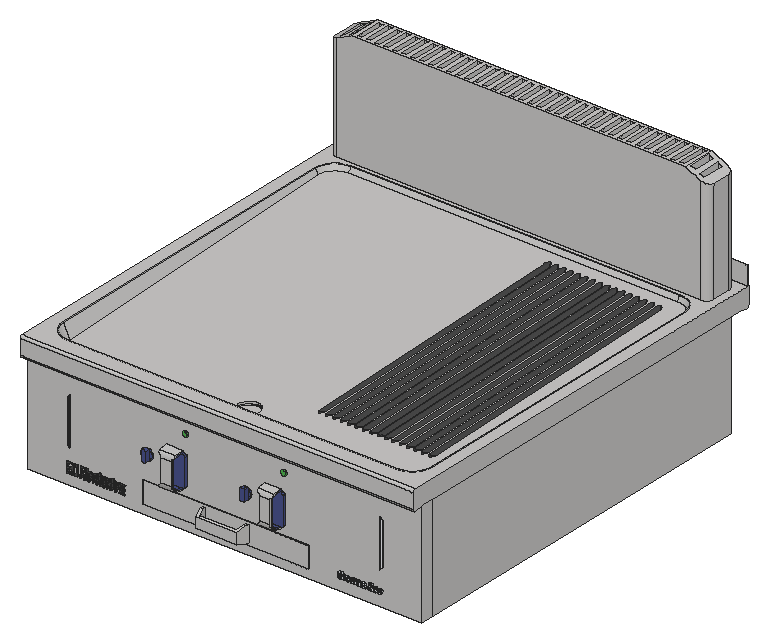
Revit family "QF_ELECTROLUXPROFESSIONAL_588541_MBHOBBHOPO", category Attrezzature speciali, Revit 2020 (continued)
Definition of nested family "Front_Panel_W800_Two Knobs_2Spie_Manop"
  Definition of nested family "Range Control Handle"
    Forms (mm)
      Sweep 3, solid
        path origin (-746.788, 380.715, 207.832) x (0, -1, 0) y (0, 0, 1)
          loop
            line (380.478, 795.442) -> (397.218, 793.09)
            arc (397.218, 793.09) -> (399.929, 788.473) -> (400.871, 783.202) r 15.207
            line (400.871, 783.202) -> (400.871, 737.584)
            arc (400.871, 737.584) -> (399.914, 732.274) -> (397.164, 727.633) r 15.207
            line (397.164, 727.633) -> (380.601, 725.305)
        profile origin (-746.788, -8.132, 1002.099) x (0, -0.139173, 0.990268) y (-1, 0, 0)
          loop
            line (0.782, -763.123) -> (0.782, -730.907) -> (-1.322, -730.907) -> (-1.322, -763.123) -> (0.782, -763.123)
      Extrusion 4, void
        sketch origin (889.253, 220.666, 207.993) x (1, 0, 0) y (0, 0, 1)
          loop
            line (-943.038, 816.854) -> (-943.038, 703.686) -> (-899.466, 734.196) -> (-899.466, 786.344) -> (-943.038, 816.854)
        from 230.636 to 242.25
      Extrusion 5, void
        sketch origin (-888.8, 220.666, 207.993) x (-1, 0, 0) y (0, 0, -1)
          loop
            line (-943.038, -816.854) -> (-899.466, -786.344) -> (-899.466, -734.196) -> (-943.038, -703.686) -> (-943.038, -816.854)
        from 230.636 to 242.25
      Extrusion 6, solid
        sketch origin (0, 0, 0) x (1, 0, 0) y (0, 0, 1)
          loop
            circle (0, 971.092) r 7.736
        from -3.137 to -1.645
    Cuts and joins
      Extrusion 4, Extrusion 5 cuts Sweep 3
      Extrusion 4, Extrusion 5 cuts Sweep 2
      joined: Extrusion 1, Extrusion 6
    Lines and regions (mm)
      symbolic lines
        curve 1: line (16.334, -16.9, 0) -> (16.334, -19.227, 0)
        curve 2: spline (16.334, -19.227, 0) -> (15.87, -19.385, 0) -> (15.404, -19.536, 0) -> (14.936, -19.678, 0) -> (14.466, -19.813, 0) -> (13.995, -19.94, 0) -> (13.523, -20.059, 0) -> (13.049, -20.171, 0) -> (12.575, -20.274, 0) -> (12.099, -20.37, 0) -> (11.622, -20.458, 0) -> (11.144, -20.537, 0) -> (10.666, -20.609, 0)
        curve 3: line (10.666, -16.9, 0) -> (10.666, -20.938, 0)
        curve 4: line (-10.213, -20.938, 0) -> (10.666, -20.938, 0)
        curve 5: line (-10.213, -20.938, 0) -> (-10.213, -16.9, 0)
        curve 6: spline (-10.213, -20.609, 0) -> (-10.691, -20.537, 0) -> (-11.169, -20.458, 0) -> (-11.646, -20.37, 0) -> (-12.122, -20.274, 0) -> (-12.597, -20.171, 0) -> (-13.07, -20.059, 0) -> (-13.542, -19.94, 0) -> (-14.013, -19.813, 0) -> (-14.483, -19.678, 0) -> (-14.951, -19.536, 0) -> (-15.417, -19.385, 0) -> (-15.881, -19.227, 0)
        curve 7: line (-15.881, -19.227, 0) -> (-15.881, -16.9, 0)
  Definition of nested family "ELX_ThermaLine_Small"
    Parameters
      Show Logo [instance] = yes
      Material_Logo [instance] = none
      Default Elevation = 0 mm
    Reference planes
      plane 1 "Centro (Fronte/Retro)": y = 0
      plane 2: z = 0
      plane 3 "Centro (Sinistra/Destra)": x = 0
    Forms (mm)
      Extrusion 1, solid
        sketch origin (0, 0, 0) x (1, 0, 0) y (0, 1, 0)
          loop
            line (-1219.2, 1219.2) -> (-1219.2, -1219.2) -> (1219.2, -1219.2) -> (1219.2, 1219.2) -> (-1219.2, 1219.2)
        from 0 to -304.8
      Extrusion 2, solid
        sketch origin (0, 0, 0) x (1, 0, 0) y (0, 1, 0)
          loop
            line (-37.494, 1.229) -> (-35.908, 1.229) -> (-35.908, 3.066) -> (-37.494, 3.066) -> (-37.494, 6.221) -> (-39.867, 4.881) -> (-39.867, 3.066) -> (-40.969, 3.066) -> (-40.969, 1.229) -> (-39.867, 1.229) -> (-39.867, -3.407)
            arc (-39.867, -3.407) -> (-38.982, -5.513) -> (-36.751, -6.001) r 2.478
            line (-36.751, -6.001) -> (-35.638, -5.7) -> (-35.9, -3.835) -> (-36.661, -4.039)
            arc (-36.661, -4.039) -> (-37.236, -3.924) -> (-37.494, -3.399) r 0.662
            line (-37.494, -3.399) -> (-37.494, 1.229)
          loop
            line (-34.242, 6.539) -> (-34.242, -5.848) -> (-31.854, -5.848) -> (-31.854, -0.078)
            arc (-31.854, -0.078) -> (-30.939, 1.249) -> (-29.33, 1.367) r 1.866
            arc (-29.33, 1.367) -> (-28.695, 0.768) -> (-28.461, -0.073) r 1.627
            line (-28.461, -0.073) -> (-28.461, -5.848) -> (-26.086, -5.848) -> (-26.064, -0.46)
            arc (-26.064, -0.46) -> (-26.261, 0.932) -> (-26.786, 2.237) r 5.825
            arc (-26.786, 2.237) -> (-29.381, 3.264) -> (-31.854, 1.971) r 3.353
            line (-31.854, 1.971) -> (-31.854, 6.539) -> (-34.242, 6.539)
          loop
            arc (-18.398, -0.598) -> (-18.893, 0.879) -> (-20.326, 1.487) r 1.897
            arc (-20.326, 1.487) -> (-21.461, 0.708) -> (-21.897, -0.598) r 2.164
            line (-21.897, -0.598) -> (-18.398, -0.598)
          loop
            arc (-16.021, -2.044) -> (-16.754, 1.227) -> (-19.444, 3.226) r 4.814
            arc (-19.444, 3.226) -> (-22.137, 2.788) -> (-23.943, 0.743) r 4.054
            arc (-23.943, 0.743) -> (-24.382, -1.249) -> (-24.162, -3.276) r 6.289
            arc (-24.162, -3.276) -> (-23.302, -4.71) -> (-21.958, -5.705) r 4.28
            arc (-21.958, -5.705) -> (-18.558, -5.814) -> (-16.152, -3.409) r 4.28
            line (-16.152, -3.409) -> (-18.5, -2.995)
            arc (-18.5, -2.995) -> (-19.273, -3.994) -> (-20.533, -4.076) r 1.536
            arc (-20.533, -4.076) -> (-21.56, -3.281) -> (-21.958, -2.044) r 2.197
            line (-21.958, -2.044) -> (-16.021, -2.044)
          loop
            line (-14.165, -5.848) -> (-11.819, -5.848) -> (-11.819, -2.138)
            arc (-11.819, -2.138) -> (-11.787, -1.156) -> (-11.637, -0.185) r 8.18
            arc (-11.637, -0.185) -> (-10.644, 0.972) -> (-9.132, 0.776) r 1.603
            line (-9.132, 0.776) -> (-8.419, 2.846)
            arc (-8.419, 2.846) -> (-10.432, 3.118) -> (-11.994, 1.821) r 2.527
            line (-11.994, 1.821) -> (-11.994, 3.094) -> (-14.165, 3.094) -> (-14.165, -5.848)
          loop
            line (-7.579, 3.094) -> (-7.579, -5.848) -> (-5.178, -5.848) -> (-5.178, -0.756)
            arc (-5.178, -0.756) -> (-4.727, 0.679) -> (-3.417, 1.419) r 2.05
            arc (-3.417, 1.419) -> (-2.499, 0.908) -> (-2.155, -0.085) r 1.471
            line (-2.155, -0.085) -> (-2.155, -5.848) -> (0.23, -5.848) -> (0.23, -1.001)
            arc (0.23, -1.001) -> (0.47, 0.127) -> (1.148, 1.061) r 2.775
            arc (1.148, 1.061) -> (2.225, 1.329) -> (3.05, 0.587) r 1.182
            arc (3.05, 0.587) -> (3.199, -0.019) -> (3.214, -0.642) r 2.894
            line (3.214, -0.642) -> (3.214, -5.848) -> (5.601, -5.848) -> (5.601, 0.261)
            arc (5.601, 0.261) -> (4.87, 2.263) -> (2.976, 3.241) r 2.932
            arc (2.976, 3.241) -> (1.284, 2.973) -> (-0.047, 1.896) r 3.309
            arc (-0.047, 1.896) -> (-1.116, 2.865) -> (-2.506, 3.258) r 3.16
            arc (-2.506, 3.258) -> (-4.105, 2.942) -> (-5.376, 1.92) r 3.419
            line (-5.376, 1.92) -> (-5.376, 3.094) -> (-7.579, 3.094)
          loop
            line (7.583, 0.738) -> (9.702, 0.364)
            arc (9.702, 0.364) -> (11.441, 1.492) -> (12.855, -0.023) r 1.613
            line (12.855, -0.023) -> (9.782, -0.789)
            arc (9.782, -0.789) -> (8.559, -1.346) -> (7.617, -2.305) r 3.687
            arc (7.617, -2.305) -> (7.499, -3.681) -> (7.901, -5.003) r 3.651
            arc (7.901, -5.003) -> (9.107, -5.766) -> (10.515, -6.006) r 3.635
            arc (10.515, -6.006) -> (11.898, -5.697) -> (13.067, -4.895) r 3.734
            line (13.067, -4.895) -> (13.376, -5.848) -> (15.75, -5.848) -> (15.212, -4.193) -> (15.212, 0.38)
            arc (15.212, 0.38) -> (14.897, 1.849) -> (13.818, 2.895) r 2.585
            arc (13.818, 2.895) -> (11.792, 3.442) -> (9.719, 3.11) r 5.005
            arc (9.719, 3.11) -> (8.369, 2.178) -> (7.583, 0.738) r 3.54
          loop
            line (19.723, -5.848) -> (22.233, -5.848) -> (24.854, 6.484) -> (22.345, 6.484) -> (19.723, -5.848)
          loop
            line (24.583, -5.848) -> (26.953, -5.848) -> (28.848, 3.066) -> (26.478, 3.066) -> (24.583, -5.848)
          loop
            line (27.204, 6.484) -> (26.741, 4.305) -> (29.111, 4.305) -> (29.575, 6.484) -> (27.204, 6.484)
          loop
            line (29.355, -5.848) -> (31.849, -5.848) -> (33.098, 0.028)
            arc (33.098, 0.028) -> (34.169, 1.306) -> (35.832, 1.422) r 2.132
            arc (35.832, 1.422) -> (36.324, 0.752) -> (36.383, -0.078) r 1.5
            line (36.383, -0.078) -> (35.157, -5.848) -> (37.536, -5.848) -> (38.936, 0.738)
            arc (38.936, 0.738) -> (38.775, 2.091) -> (37.825, 3.066) r 2.118
            arc (37.825, 3.066) -> (35.392, 3.175) -> (33.295, 1.937) r 4.271
            line (33.295, 1.937) -> (33.535, 3.066) -> (31.25, 3.066) -> (29.355, -5.848)
          loop
            line (42.792, -0.64) -> (46.589, -0.64)
            arc (46.589, -0.64) -> (46.639, 0.124) -> (46.327, 0.823) r 1.589
            arc (46.327, 0.823) -> (45.117, 1.521) -> (43.762, 1.183) r 1.865
            arc (43.762, 1.183) -> (43.141, 0.344) -> (42.792, -0.64) r 3.538
          loop
            line (42.565, -2.138) -> (48.593, -2.138)
            arc (48.593, -2.138) -> (48.58, 0.597) -> (46.983, 2.818) r 4.494
            arc (46.983, 2.818) -> (44.191, 3.28) -> (41.725, 1.891) r 4.26
            arc (41.725, 1.891) -> (40.503, -0.3) -> (40.284, -2.799) r 6.003
            arc (40.284, -2.799) -> (40.959, -4.468) -> (42.377, -5.576) r 3.482
            arc (42.377, -5.576) -> (44.265, -5.961) -> (46.152, -5.576) r 4.823
            arc (46.152, -5.576) -> (47.432, -4.731) -> (48.328, -3.485) r 4.245
            line (48.328, -3.485) -> (46.168, -3.105)
            arc (46.168, -3.105) -> (45.214, -4.072) -> (43.859, -4.181) r 1.953
            arc (43.859, -4.181) -> (42.821, -3.408) -> (42.565, -2.138) r 1.81
          loop
            line (12.868, -1.553) -> (10.216, -2.214)
            arc (10.216, -2.214) -> (9.747, -3.136) -> (10.216, -4.058) r 1.14
            arc (10.216, -4.058) -> (11.537, -4.249) -> (12.614, -3.46) r 1.763
            arc (12.614, -3.46) -> (12.858, -2.522) -> (12.868, -1.553) r 3.97
        from 0 to 1.6
    Dimensions and locks
      aligned and locked: plane 2 to Extrusion 1
      aligned and locked: level to Extrusion 1
  Definition of nested family "ELX_Professional_Logo_Small"
    Parameters
      Show Logo [instance] = yes
      Material_Logo [instance] = none
      Default Elevation = 0 mm
    Reference planes
      plane 1 "Centro (Fronte/Retro)": y = 0
      plane 2: z = 0
      plane 3 "Centro (Sinistra/Destra)": x = 0
    Forms (mm)
      Extrusion 1, solid
        sketch origin (0, 0, 0) x (1, 0, 0) y (0, 1, 0)
          loop
            line (-1219.2, 1219.2) -> (-1219.2, -1219.2) -> (1219.2, -1219.2) -> (1219.2, 1219.2) -> (-1219.2, 1219.2)
        from 0 to -304.8
      Extrusion 2, solid, material <- "Material_Logo"
        sketch origin (15.5, 0, 0) x (1, 0, 0) y (0, 1, 0)
          loop
            spline (-42.99, -1.24) -> (-43.195, -1.231) -> (-43.415, -1.203) -> (-43.642, -1.152) -> (-43.87, -1.074) -> (-44.095, -0.966) -> (-44.309, -0.825) -> (-44.506, -0.647) -> (-44.681, -0.429) -> (-44.828, -0.167) -> (-44.94, 0.142) -> (-45.011, 0.501) -> (-45.037, 0.915)
            line (-45.037, 0.915) -> (-45.037, 2.748) -> (-38.984, 2.748) -> (-38.984, 5.086) -> (-45.038, 5.086) -> (-45.038, 8.489) -> (-38.599, 8.489) -> (-38.599, 10.82) -> (-47.515, 10.82) -> (-47.515, 1.021)
            spline (-47.515, 1.021) -> (-47.493, 0.418) -> (-47.425, -0.15) -> (-47.311, -0.682) -> (-47.15, -1.175) -> (-46.939, -1.628) -> (-46.678, -2.038) -> (-46.365, -2.404) -> (-46, -2.723) -> (-45.58, -2.995) -> (-45.105, -3.216) -> (-44.573, -3.385) -> (-43.983, -3.499)
            line (-43.983, -3.499) -> (-43.01, -3.569) -> (-38.426, -3.569) -> (-38.426, -1.24) -> (-42.99, -1.24)
          loop
            line (-36.666, 4.021) -> (-36.666, -3.573) -> (-34.188, -3.573) -> (-34.188, 10.824) -> (-36.666, 10.824) -> (-36.666, 4.021)
          loop
            spline (-21.915, 1.897) -> (-21.957, 2.615) -> (-22.082, 3.303) -> (-22.285, 3.955) -> (-22.563, 4.564) -> (-22.913, 5.124) -> (-23.331, 5.629) -> (-23.814, 6.074) -> (-24.359, 6.451) -> (-24.961, 6.755) -> (-25.618, 6.98) -> (-26.326, 7.119) -> (-27.081, 7.167)
            spline (-27.081, 7.167) -> (-27.853, 7.122) -> (-28.586, 6.99) -> (-29.275, 6.774) -> (-29.915, 6.478) -> (-30.5, 6.104) -> (-31.024, 5.657) -> (-31.483, 5.138) -> (-31.871, 4.553) -> (-32.182, 3.904) -> (-32.411, 3.194) -> (-32.552, 2.427) -> (-32.6, 1.606)
            spline (-32.6, 1.606) -> (-32.553, 0.805) -> (-32.416, 0.057) -> (-32.193, -0.637) -> (-31.887, -1.271) -> (-31.504, -1.843) -> (-31.048, -2.35) -> (-30.523, -2.788) -> (-29.934, -3.154) -> (-29.284, -3.444) -> (-28.579, -3.656) -> (-27.822, -3.785) -> (-27.019, -3.829)
            spline (-27.019, -3.829) -> (-26.627, -3.82) -> (-26.239, -3.79) -> (-25.856, -3.739) -> (-25.477, -3.663) -> (-25.103, -3.562) -> (-24.734, -3.432) -> (-24.369, -3.273) -> (-24.01, -3.082) -> (-23.655, -2.858) -> (-23.305, -2.597) -> (-22.96, -2.299) -> (-22.621, -1.962)
            line (-22.621, -1.962) -> (-24.114, -0.509)
            spline (-24.114, -0.509) -> (-24.311, -0.699) -> (-24.509, -0.872) -> (-24.71, -1.03) -> (-24.915, -1.172) -> (-25.126, -1.297) -> (-25.346, -1.407) -> (-25.576, -1.5) -> (-25.817, -1.576) -> (-26.072, -1.636) -> (-26.342, -1.678) -> (-26.629, -1.704) -> (-26.936, -1.713)
            spline (-26.936, -1.713) -> (-27.384, -1.691) -> (-27.805, -1.625) -> (-28.196, -1.518) -> (-28.556, -1.372) -> (-28.882, -1.187) -> (-29.174, -0.966) -> (-29.429, -0.71) -> (-29.645, -0.422) -> (-29.821, -0.102) -> (-29.955, 0.247) -> (-30.045, 0.623) -> (-30.089, 1.026)
            line (-30.089, 1.026) -> (-21.956, 1.026) -> (-21.915, 1.897)
          loop
            spline (-24.446, 2.769) -> (-24.47, 3.075) -> (-24.54, 3.37) -> (-24.654, 3.65) -> (-24.807, 3.913) -> (-24.996, 4.156) -> (-25.219, 4.376) -> (-25.472, 4.57) -> (-25.753, 4.736) -> (-26.057, 4.869) -> (-26.382, 4.968) -> (-26.724, 5.03) -> (-27.081, 5.051)
            spline (-27.081, 5.051) -> (-27.464, 5.03) -> (-27.832, 4.97) -> (-28.183, 4.872) -> (-28.513, 4.74) -> (-28.819, 4.577) -> (-29.099, 4.384) -> (-29.347, 4.165) -> (-29.563, 3.923) -> (-29.742, 3.659) -> (-29.881, 3.377) -> (-29.977, 3.079) -> (-30.027, 2.769)
            line (-30.027, 2.769) -> (-24.446, 2.769)
          loop
            spline (-18.167, 1.669) -> (-18.138, 2.13) -> (-18.055, 2.567) -> (-17.921, 2.978) -> (-17.739, 3.358) -> (-17.512, 3.705) -> (-17.243, 4.016) -> (-16.937, 4.287) -> (-16.596, 4.517) -> (-16.223, 4.7) -> (-15.823, 4.835) -> (-15.398, 4.919) -> (-14.951, 4.947)
            spline (-14.951, 4.947) -> (-14.677, 4.938) -> (-14.414, 4.913) -> (-14.162, 4.871) -> (-13.921, 4.812) -> (-13.69, 4.738) -> (-13.467, 4.649) -> (-13.254, 4.544) -> (-13.048, 4.424) -> (-12.85, 4.291) -> (-12.659, 4.143) -> (-12.474, 3.981) -> (-12.295, 3.806)
            line (-12.295, 3.806) -> (-10.76, 5.403)
            spline (-10.76, 5.403) -> (-11.065, 5.709) -> (-11.38, 5.984) -> (-11.703, 6.228) -> (-12.035, 6.443) -> (-12.375, 6.63) -> (-12.723, 6.788) -> (-13.078, 6.92) -> (-13.44, 7.026) -> (-13.809, 7.107) -> (-14.184, 7.164) -> (-14.564, 7.198) -> (-14.951, 7.209)
            spline (-14.951, 7.209) -> (-15.725, 7.161) -> (-16.467, 7.02) -> (-17.169, 6.792) -> (-17.826, 6.482) -> (-18.43, 6.096) -> (-18.976, 5.637) -> (-19.455, 5.112) -> (-19.862, 4.525) -> (-20.19, 3.882) -> (-20.433, 3.189) -> (-20.584, 2.449) -> (-20.635, 1.669)
            spline (-20.635, 1.669) -> (-20.584, 0.889) -> (-20.433, 0.149) -> (-20.19, -0.545) -> (-19.862, -1.187) -> (-19.455, -1.774) -> (-18.976, -2.299) -> (-18.43, -2.758) -> (-17.826, -3.145) -> (-17.169, -3.454) -> (-16.467, -3.682) -> (-15.725, -3.823) -> (-14.951, -3.871)
            spline (-14.951, -3.871) -> (-14.564, -3.86) -> (-14.184, -3.826) -> (-13.809, -3.77) -> (-13.44, -3.689) -> (-13.078, -3.583) -> (-12.723, -3.451) -> (-12.375, -3.292) -> (-12.035, -3.105) -> (-11.703, -2.89) -> (-11.38, -2.646) -> (-11.065, -2.371) -> (-10.76, -2.066)
            line (-10.76, -2.066) -> (-12.295, -0.468)
            spline (-12.295, -0.468) -> (-12.474, -0.643) -> (-12.659, -0.805) -> (-12.85, -0.953) -> (-13.048, -1.087) -> (-13.254, -1.206) -> (-13.467, -1.311) -> (-13.69, -1.4) -> (-13.921, -1.475) -> (-14.162, -1.533) -> (-14.414, -1.575) -> (-14.677, -1.6) -> (-14.951, -1.609)
            spline (-14.951, -1.609) -> (-15.398, -1.581) -> (-15.823, -1.497) -> (-16.223, -1.362) -> (-16.596, -1.179) -> (-16.937, -0.95) -> (-17.243, -0.678) -> (-17.512, -0.367) -> (-17.739, -0.02) -> (-17.921, 0.36) -> (-18.055, 0.771) -> (-18.138, 1.208) -> (-18.167, 1.669)
          loop
            spline (-4.441, -1.243) -> (-4.659, -1.247) -> (-4.894, -1.23) -> (-5.137, -1.19) -> (-5.384, -1.121) -> (-5.628, -1.021) -> (-5.864, -0.884) -> (-6.084, -0.708) -> (-6.283, -0.488) -> (-6.454, -0.219) -> (-6.592, 0.101) -> (-6.69, 0.478) -> (-6.742, 0.914)
            line (-6.742, 0.914) -> (-6.742, 4.587) -> (-4.487, 4.587) -> (-4.487, 6.838) -> (-6.738, 6.838) -> (-6.738, 10.824) -> (-9.217, 10.824) -> (-9.217, 0.773)
            spline (-9.217, 0.773) -> (-9.164, 0.19) -> (-9.068, -0.358) -> (-8.928, -0.87) -> (-8.742, -1.343) -> (-8.511, -1.777) -> (-8.232, -2.168) -> (-7.904, -2.515) -> (-7.527, -2.816) -> (-7.098, -3.069) -> (-6.618, -3.273) -> (-6.084, -3.426) -> (-5.496, -3.525)
            line (-5.496, -3.525) -> (-4.45, -3.573) -> (-4.441, -1.243)
          loop
            spline (3.898, 6.983) -> (3.469, 7.009) -> (3.056, 7.001) -> (2.661, 6.961) -> (2.283, 6.888) -> (1.925, 6.785) -> (1.588, 6.652) -> (1.272, 6.49) -> (0.979, 6.301) -> (0.71, 6.085) -> (0.465, 5.844) -> (0.247, 5.578) -> (0.056, 5.289)
            line (0.056, 5.289) -> (0.056, 6.838) -> (-2.402, 6.838) -> (-2.402, -3.572) -> (0.056, -3.572) -> (0.056, 1.901)
            spline (0.056, 1.901) -> (0.079, 2.316) -> (0.145, 2.703) -> (0.254, 3.06) -> (0.404, 3.386) -> (0.592, 3.679) -> (0.818, 3.938) -> (1.08, 4.162) -> (1.375, 4.348) -> (1.703, 4.495) -> (2.062, 4.602) -> (2.45, 4.668) -> (2.865, 4.69)
            line (2.865, 4.69) -> (3.898, 4.586) -> (3.898, 6.983)
          loop
            spline (15.638, 1.633) -> (15.586, 2.396) -> (15.435, 3.124) -> (15.192, 3.81) -> (14.863, 4.449) -> (14.455, 5.034) -> (13.975, 5.56) -> (13.43, 6.021) -> (12.826, 6.411) -> (12.17, 6.724) -> (11.469, 6.955) -> (10.729, 7.098) -> (9.958, 7.147)
            spline (9.958, 7.147) -> (9.182, 7.098) -> (8.44, 6.955) -> (7.737, 6.724) -> (7.081, 6.411) -> (6.477, 6.021) -> (5.933, 5.56) -> (5.454, 5.034) -> (5.048, 4.449) -> (4.721, 3.81) -> (4.479, 3.124) -> (4.329, 2.396) -> (4.277, 1.633)
            spline (4.277, 1.633) -> (4.329, 0.869) -> (4.479, 0.141) -> (4.721, -0.544) -> (5.048, -1.183) -> (5.454, -1.768) -> (5.933, -2.294) -> (6.477, -2.755) -> (7.081, -3.145) -> (7.737, -3.459) -> (8.44, -3.69) -> (9.182, -3.833) -> (9.958, -3.882)
            spline (9.958, -3.882) -> (10.729, -3.833) -> (11.469, -3.69) -> (12.17, -3.459) -> (12.826, -3.145) -> (13.43, -2.755) -> (13.975, -2.294) -> (14.455, -1.768) -> (14.863, -1.183) -> (15.192, -0.544) -> (15.435, 0.141) -> (15.586, 0.869) -> (15.638, 1.633)
          loop
            spline (13.18, 1.633) -> (13.151, 2.083) -> (13.067, 2.513) -> (12.932, 2.918) -> (12.748, 3.296) -> (12.52, 3.642) -> (12.251, 3.954) -> (11.943, 4.227) -> (11.601, 4.459) -> (11.228, 4.645) -> (10.828, 4.782) -> (10.403, 4.867) -> (9.958, 4.896)
            spline (9.958, 4.896) -> (9.509, 4.867) -> (9.081, 4.782) -> (8.679, 4.645) -> (8.306, 4.459) -> (7.964, 4.227) -> (7.658, 3.954) -> (7.39, 3.642) -> (7.163, 3.296) -> (6.981, 2.918) -> (6.847, 2.513) -> (6.765, 2.083) -> (6.736, 1.633)
            spline (6.736, 1.633) -> (6.765, 1.182) -> (6.847, 0.753) -> (6.981, 0.347) -> (7.163, -0.031) -> (7.39, -0.377) -> (7.658, -0.689) -> (7.964, -0.962) -> (8.306, -1.193) -> (8.679, -1.38) -> (9.081, -1.517) -> (9.509, -1.602) -> (9.958, -1.631)
            spline (9.958, -1.631) -> (10.403, -1.602) -> (10.828, -1.517) -> (11.228, -1.38) -> (11.601, -1.193) -> (11.943, -0.962) -> (12.251, -0.689) -> (12.52, -0.377) -> (12.748, -0.031) -> (12.932, 0.347) -> (13.067, 0.753) -> (13.151, 1.182) -> (13.18, 1.633)
          loop
            line (17.162, 4.269) -> (17.162, -3.573) -> (19.642, -3.573) -> (19.642, 10.824) -> (17.162, 10.824) -> (17.162, 4.269)
          loop
            line (28.581, 6.838) -> (28.581, 0.786)
            spline (28.581, 0.786) -> (28.561, 0.393) -> (28.503, 0.038) -> (28.409, -0.279) -> (28.281, -0.559) -> (28.122, -0.802) -> (27.933, -1.011) -> (27.717, -1.185) -> (27.476, -1.325) -> (27.213, -1.433) -> (26.929, -1.509) -> (26.626, -1.554) -> (26.308, -1.569)
            spline (26.308, -1.569) -> (25.99, -1.554) -> (25.688, -1.509) -> (25.404, -1.434) -> (25.141, -1.326) -> (24.9, -1.187) -> (24.684, -1.014) -> (24.496, -0.807) -> (24.336, -0.565) -> (24.209, -0.288) -> (24.115, 0.026) -> (24.057, 0.376) -> (24.037, 0.765)
            line (24.037, 0.765) -> (24.037, 6.838) -> (21.537, 6.838) -> (21.537, 0.558)
            spline (21.537, 0.558) -> (21.581, -0.153) -> (21.71, -0.8) -> (21.916, -1.384) -> (22.195, -1.904) -> (22.54, -2.362) -> (22.944, -2.757) -> (23.403, -3.09) -> (23.909, -3.362) -> (24.456, -3.572) -> (25.04, -3.722) -> (25.652, -3.811) -> (26.288, -3.841)
            spline (26.288, -3.841) -> (26.929, -3.811) -> (27.547, -3.72) -> (28.135, -3.568) -> (28.687, -3.355) -> (29.197, -3.079) -> (29.66, -2.741) -> (30.068, -2.341) -> (30.415, -1.877) -> (30.696, -1.349) -> (30.905, -0.757) -> (31.034, -0.101) -> (31.079, 0.621)
            line (31.079, 0.621) -> (31.079, 6.838) -> (28.581, 6.838)
          loop
            line (40.457, -0.243) -> (38.894, 1.942) -> (40.83, 4.579) -> (42.488, 6.837) -> (39.782, 6.837) -> (37.53, 3.719) -> (35.258, 6.837) -> (32.573, 6.837) -> (34.113, 4.731) -> (36.167, 1.922) -> (34.014, -1.076) -> (32.222, -3.573) -> (34.887, -3.573) -> (37.53, 0.104) -> (40.174, -3.573) -> (42.839, -3.573) -> (40.457, -0.243)
          loop
            line (-46.121, -5.837) -> (-48.039, -5.837) -> (-48.039, -10.814) -> (-47.016, -10.814) -> (-47.016, -9.128) -> (-46.121, -9.128)
            arc (-46.121, -9.128) -> (-44.476, -7.482) -> (-46.121, -5.837) r 1.645
          loop
            line (-46.163, -6.778) -> (-47.016, -6.778) -> (-47.016, -8.187) -> (-46.163, -8.187)
            arc (-46.163, -8.187) -> (-45.458, -7.482) -> (-46.163, -6.778) r 0.704
          loop
            line (-38.313, -5.837) -> (-40.265, -5.837) -> (-40.265, -10.814) -> (-39.241, -10.814) -> (-39.241, -9.1) -> (-38.46, -9.182) -> (-37.48, -10.814) -> (-36.318, -10.814) -> (-37.513, -8.848)
            arc (-37.513, -8.848) -> (-36.888, -8.266) -> (-36.671, -7.441) r 1.536
            arc (-36.671, -7.441) -> (-37.165, -6.305) -> (-38.313, -5.837) r 1.643
          loop
            arc (-38.402, -8.166) -> (-37.707, -7.505) -> (-38.334, -6.778) r 0.696
            line (-38.334, -6.778) -> (-39.241, -6.778) -> (-39.241, -8.166) -> (-38.402, -8.166)
          loop
            circle (-29.965, -8.325) r 2.585
          loop
            circle (-29.965, -8.325) r 1.64
          loop
            line (-23.1, -5.837) -> (-23.1, -10.814) -> (-22.076, -10.814) -> (-22.076, -8.768) -> (-20.204, -8.768) -> (-20.204, -7.828) -> (-22.076, -7.828) -> (-22.076, -6.778) -> (-20.024, -6.778) -> (-20.024, -5.837) -> (-23.1, -5.837)
          loop
            line (-15.802, -5.837) -> (-15.802, -9.2)
            arc (-15.802, -9.2) -> (-15.343, -10.34) -> (-14.209, -10.814) r 1.593
            line (-14.209, -10.814) -> (-12.602, -10.814) -> (-12.602, -10.027) -> (-14.004, -10.027)
            arc (-14.004, -10.027) -> (-14.552, -9.8) -> (-14.779, -9.252) r 0.775
            line (-14.779, -9.252) -> (-14.779, -8.424) -> (-12.789, -8.424) -> (-12.789, -7.642) -> (-14.779, -7.642) -> (-14.779, -6.778) -> (-12.651, -6.778) -> (-12.651, -5.837) -> (-15.802, -5.837)
          loop
            line (-5.909, -7.143) -> (-5.173, -6.638)
            arc (-5.173, -6.638) -> (-5.855, -5.974) -> (-6.781, -5.755) r 1.782
            arc (-6.781, -5.755) -> (-7.397, -5.878) -> (-7.944, -6.189) r 1.974
            arc (-7.944, -6.189) -> (-8.202, -6.5) -> (-8.317, -6.888) r 1.013
            arc (-8.317, -6.888) -> (-8.306, -7.341) -> (-8.192, -7.78) r 1.985
            arc (-8.192, -7.78) -> (-7.749, -8.259) -> (-7.171, -8.563) r 1.928
            arc (-7.171, -8.563) -> (-6.637, -8.779) -> (-6.131, -9.056) r 5.041
            arc (-6.131, -9.056) -> (-5.934, -9.387) -> (-6.09, -9.74) r 0.42
            arc (-6.09, -9.74) -> (-6.631, -9.96) -> (-7.204, -9.845) r 1.016
            arc (-7.204, -9.845) -> (-7.625, -9.603) -> (-7.889, -9.196) r 1.033
            line (-7.889, -9.196) -> (-8.67, -9.686)
            arc (-8.67, -9.686) -> (-8.361, -10.198) -> (-7.908, -10.589) r 1.914
            arc (-7.908, -10.589) -> (-7.334, -10.834) -> (-6.714, -10.896) r 2.063
            arc (-6.714, -10.896) -> (-5.947, -10.743) -> (-5.256, -10.376) r 2.696
            arc (-5.256, -10.376) -> (-4.95, -9.565) -> (-5.108, -8.712) r 1.618
            arc (-5.108, -8.712) -> (-5.448, -8.319) -> (-5.884, -8.035) r 1.876
            arc (-5.884, -8.035) -> (-6.434, -7.789) -> (-6.999, -7.577) r 9.883
            arc (-6.999, -7.577) -> (-7.325, -7.07) -> (-6.854, -6.694) r 0.45
            arc (-6.854, -6.694) -> (-6.329, -6.809) -> (-5.909, -7.143) r 1.197
          loop
            line (1.61, -7.143) -> (2.345, -6.638)
            arc (2.345, -6.638) -> (1.663, -5.974) -> (0.737, -5.755) r 1.782
            arc (0.737, -5.755) -> (0.121, -5.878) -> (-0.425, -6.189) r 1.974
            arc (-0.425, -6.189) -> (-0.683, -6.5) -> (-0.799, -6.888) r 1.013
            arc (-0.799, -6.888) -> (-0.788, -7.341) -> (-0.674, -7.78) r 1.985
            arc (-0.674, -7.78) -> (-0.231, -8.259) -> (0.347, -8.563) r 1.928
            arc (0.347, -8.563) -> (0.881, -8.779) -> (1.387, -9.056) r 5.041
            arc (1.387, -9.056) -> (1.584, -9.387) -> (1.428, -9.74) r 0.42
            arc (1.428, -9.74) -> (0.887, -9.96) -> (0.314, -9.845) r 1.016
            arc (0.314, -9.845) -> (-0.107, -9.603) -> (-0.371, -9.196) r 1.033
            line (-0.371, -9.196) -> (-1.152, -9.686)
            arc (-1.152, -9.686) -> (-0.842, -10.198) -> (-0.39, -10.589) r 1.914
            arc (-0.39, -10.589) -> (0.184, -10.834) -> (0.804, -10.896) r 2.063
            arc (0.804, -10.896) -> (1.572, -10.743) -> (2.263, -10.376) r 2.696
            arc (2.263, -10.376) -> (2.568, -9.565) -> (2.411, -8.712) r 1.618
            arc (2.411, -8.712) -> (2.07, -8.319) -> (1.635, -8.035) r 1.876
            arc (1.635, -8.035) -> (1.084, -7.789) -> (0.519, -7.577) r 9.883
            arc (0.519, -7.577) -> (0.193, -7.07) -> (0.665, -6.694) r 0.45
            arc (0.665, -6.694) -> (1.189, -6.809) -> (1.61, -7.143) r 1.197
          loop
            line (6.801, -5.837) -> (6.801, -10.814) -> (7.825, -10.814) -> (7.825, -5.837) -> (6.801, -5.837)
          loop
            circle (14.724, -8.325) r 1.548
          loop
            circle (14.724, -8.325) r 2.585
          loop
            line (21.59, -10.814) -> (22.623, -10.814) -> (22.623, -7.685) -> (24.9, -10.814) -> (25.895, -10.814) -> (25.895, -5.837) -> (24.861, -5.837) -> (24.861, -9.061) -> (22.585, -5.837) -> (21.59, -5.837) -> (21.59, -10.814)
          loop
            line (31.054, -10.814) -> (31.539, -9.74) -> (33.38, -9.74) -> (33.865, -10.814) -> (34.965, -10.814) -> (32.46, -5.837) -> (29.956, -10.814) -> (31.054, -10.814)
          loop
            line (32.46, -7.698) -> (31.999, -8.719) -> (32.921, -8.719) -> (32.46, -7.698)
          loop
            line (40.047, -9.873) -> (40.047, -5.837) -> (39.024, -5.837) -> (39.024, -10.814) -> (41.961, -10.814) -> (41.961, -9.873) -> (40.047, -9.873)
          loop
            line (-74.986, -10.814) -> (-53.322, -10.814) -> (-53.322, 10.82) -> (-74.986, 10.82) -> (-74.986, -10.814)
          loop
            line (-61.261, 9.758) -> (-61.261, -9.707)
            arc (-61.261, -9.707) -> (-54.066, 0.025) -> (-61.261, 9.758) r 10.18
          loop
            line (-62.251, 8.349) -> (-62.251, 9.758)
            arc (-62.251, 9.758) -> (-70.347, 7.918) -> (-74.247, 0.59) r 9.976
            line (-74.247, 0.59) -> (-71.026, 0.59)
            arc (-71.026, 0.59) -> (-65.274, 2.925) -> (-62.251, 8.349) r 9.351
          loop
            arc (-74.247, -0.539) -> (-70.353, -7.928) -> (-62.251, -9.957) r 10.237
            line (-62.251, -9.957) -> (-62.251, -8.298)
            arc (-62.251, -8.298) -> (-65.274, -2.874) -> (-71.026, -0.539) r 9.351
            line (-71.026, -0.539) -> (-74.247, -0.539)
        from 0 to 1.644
    Dimensions and locks
      aligned and locked: plane 2 to Extrusion 1
      aligned and locked: level to Extrusion 1
Definition of nested family "Rib_D12"
  Parameters
    Show Clearance [instance] = yes
    Model = ""
    Lenght [instance] = 588 mm
    Default Elevation = 0 mm
  Reference planes
    plane 1 "Center (Front/Back)": y = -11.07
    plane 2: z = 0
    plane 3 "Center (Left/Right)": x = 0
    plane 4 "Back": y = 282.93
    plane 5 "Front": y = -305.07
  Forms (mm)
    Extrusion 1, solid
      sketch origin (0, -919.2, 0) x (1, 0, 0) y (0, 1, 0)
        loop
          line (-198.75, 1399.2) -> (-198.75, 386.445) -> (165.741, 386.445) -> (165.741, 1399.2) -> (-198.75, 1399.2)
      from 0 to -59.546
    Extrusion 2, solid
      sketch origin (0, -11.07, -267.484) x (1, 0, 0) y (0, 0, 1)
        loop
          line (-6, 267.484) -> (6, 267.484)
          arc (6, 267.484) -> (0, 269.184) -> (-6, 267.484) r 11.438
      from -294 to 294
    Extrusion 3, void
      sketch origin (0, 0, 0) x (1, 0, 0) y (0, 1, 0)
        loop
          line (-6, 274.93) -> (-2.484, 281.02)
          arc (-2.484, 281.02) -> (0, 282.454) -> (2.484, 281.02) r 2.868
          line (2.484, 281.02) -> (6, 274.93) -> (6, 282.93) -> (-6, 282.93) -> (-6, 274.93)
        loop
          line (-6, -297.07) -> (-6, -305.07) -> (6, -305.07) -> (6, -297.07) -> (2.484, -303.16)
          arc (2.484, -303.16) -> (0, -304.594) -> (-2.484, -303.16) r 2.868
          line (-2.484, -303.16) -> (-6, -297.07)
      from 0 to 2
  Cuts and joins
    Extrusion 3 cuts Extrusion 2
  Lines and regions (mm)
    symbolic lines
      curve 1: line (64.247, -11.07, 0) -> (64.247, -11.07, 4)
      curve 2: line (64.247, -11.07, 4) -> (-64.765, -11.07, 4)
      curve 3: line (-64.765, -11.07, 4) -> (-64.765, -11.07, 0)
      curve 4: line (-40, -11.07, 8) -> (-40, -11.07, 4)
      curve 5: line (40, -11.07, 8) -> (40, -11.07, 4)
      curve 6: line (40, -11.07, 8) -> (-40, -11.07, 8)
      curve 7: line (6, -297.07, 0) -> (6, 274.93, 0)
      curve 8: line (-6, 274.93, 0) -> (-6, -297.07, 0)
      curve 9: line (-6, 274.93, 0) -> (-2.484, 281.02, 0)
      curve 10: line (2.484, 281.02, 0) -> (6, 274.93, 0)
      curve 11: arc (-2.484, 281.02, 0) -> (0, 282.454, 0) -> (2.484, 281.02, 0) r 2.868
      curve 12: line (-2.484, -303.16, 0) -> (-6, -297.07, 0)
      curve 13: arc (2.484, -303.16, 0) -> (0, -304.594, 0) -> (-2.484, -303.16, 0) r 2.868
      curve 14: line (6, -297.07, 0) -> (2.484, -303.16, 0)
  Dimensions and locks
    "Lenght": plane 4 "Back" to plane 5 "Front"
    equal spacing: plane 4 "Back", plane 1 "Center (Front/Back)", plane 5 "Front"
    aligned and locked: plane 2 to Extrusion 1
    aligned and locked: level to Extrusion 1
    aligned and locked: plane 4 "Back" to Extrusion 2
    aligned and locked: Extrusion 2 to plane 5 "Front"
  Automatic sketch dimensions
    curve 3 to level = 0 mm
    curve 1 to level = 0 mm
    level to curve 3 = 4 mm
    curve 3 to plane 3 "Center (Left/Right)" = 64.765 mm
    level to curve 6 = 8 mm
    curve 2 to curve 6 = 24.765 mm
    plane 3 "Center (Left/Right)" to curve 5 = 40 mm
    curve 5 to curve 1 = 24.247 mm
    Extrusion 1 sketch curve to Extrusion 1 sketch curve = 364.491 mm
    Extrusion 1 sketch curve to Extrusion 1 sketch curve = 1012.755 mm
    Extrusion 3 sketch curve to plane 3 "Center (Left/Right)" = 0 mm  (x2)
    Extrusion 3 sketch curve to plane 3 "Center (Left/Right)" = 2.484 mm  (x2)
    Extrusion 3 sketch curve to plane 3 "Center (Left/Right)" = 6 mm
    Extrusion 3 sketch curve to Extrusion 3 sketch curve = 3.516 mm  (x2)
    plane 3 "Center (Left/Right)" to Extrusion 3 sketch curve = 2.484 mm  (x2)
    plane 3 "Center (Left/Right)" to Extrusion 3 sketch curve = 6 mm
    plane 5 "Front" to Extrusion 3 sketch curve = 0 mm
    Extrusion 3 sketch curve to Extrusion 3 sketch curve = 1.91 mm  (x2)
    Extrusion 3 sketch curve to Extrusion 3 sketch curve = 1.434 mm  (x2)
    Extrusion 3 sketch curve to Extrusion 3 sketch curve = 6.09 mm  (x2)
    Extrusion 3 sketch curve to plane 4 "Back" = 8 mm
    Extrusion 3 sketch curve to Extrusion 3 sketch curve = 0 mm
    Extrusion 3 sketch curve to Extrusion 3 sketch curve = 4.656 mm
    curve 9 to plane 3 "Center (Left/Right)" = 6 mm
    curve 8 to plane 4 "Back" = 8 mm
    curve 9 to plane 3 "Center (Left/Right)" = 2.484 mm
    plane 3 "Center (Left/Right)" to curve 7 = 6 mm
    plane 5 "Front" to curve 8 = 8 mm
    plane 5 "Front" to curve 7 = 8 mm
    curve 7 to plane 4 "Back" = 8 mm
    curve 9 to plane 4 "Back" = 1.91 mm
    plane 3 "Center (Left/Right)" to curve 10 = 2.484 mm
    curve 10 to plane 4 "Back" = 1.91 mm
    curve 11 to curve 9 = 1.434 mm
    curve 12 to plane 3 "Center (Left/Right)" = 2.484 mm
    plane 5 "Front" to curve 12 = 1.91 mm
    curve 13 to plane 3 "Center (Left/Right)" = 0 mm
    curve 13 to curve 13 = 1.434 mm
    plane 5 "Front" to curve 13 = 1.91 mm
    Extrusion 2 sketch curve to plane 3 "Center (Left/Right)" = 0 mm
    Extrusion 2 sketch curve to plane 3 "Center (Left/Right)" = 6 mm
    Extrusion 2 sketch curve to level = 9.738 mm
    Extrusion 2 sketch curve to Extrusion 2 sketch curve = 9.738 mm
